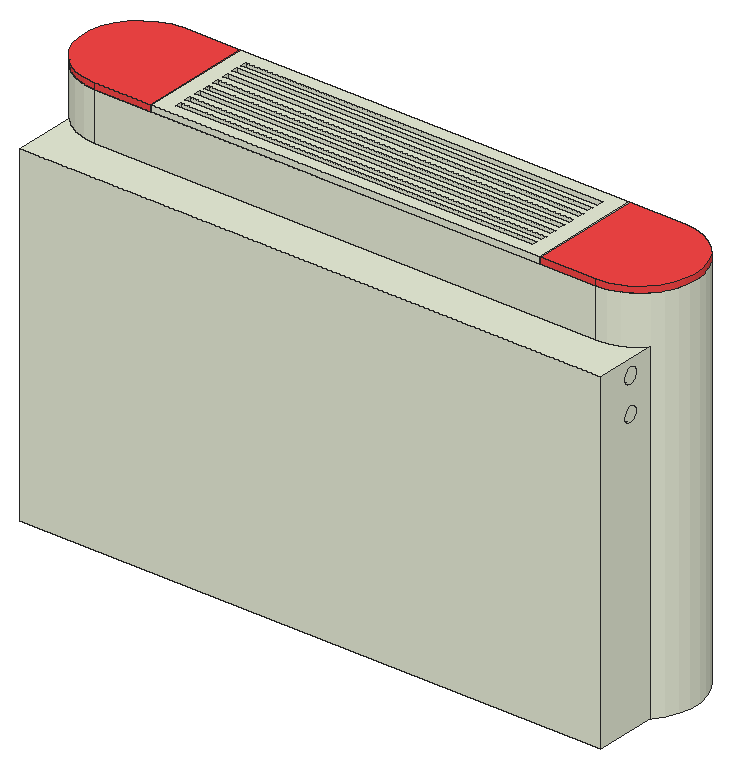
Revit family "MKH1-150-R3(R4)", category Mechanical Equipment, Revit 2013
Parameters (values of type "MKH1-150-R3")
  clearance access up = 1500.000 mm
  clearance access right = 150.000 mm
  clearance access left = 150.000 mm
  clearance access down = 90.000 mm
  clearance access behind = 50.000 mm
  clearance [instance] = no
  Width = 495.000 mm
  Series = "FCU"
  Rated current = 0.15 A
  Power supply = "220-240V ~50Hz/60Hz"
  Power Input(H/M/L) = "35/17/14 W"
  Panel color = "WH101"
  Net Weight = 16.30 kg
  Model = "MKH1-150-R3"
  Manufacturer = "Midea"
  Machine material = Galvanized Steel
  Liquid pipe = 19.050 mm
  Installation = "Indoor installation"
  Height = 211.000 mm
  Heating Capacity(H/M/L) = "1.85/1.29/1.13 kW"
  Drain pipe = 18.500 mm
  Description = "High efficiency water cooled"
  Depth = 790.000 mm
  Cooling Capacity(H/M/L) = "1.65/1.22/1.09 kW"
  Condensation = "water"
  Circuit breaker = 15 A
  Air Flow(H/M/L) = "255/165/142 m3/h"
Types (3, lengths in mm): name | Rated current | Power Input(H/M/L) | Net Weight | Model | Heating Capacity(H/M/L) | Cooling Capacity(H/M/L) | Air Flow(H/M/L)
  (no name) | 0.15 A | "35/17/14 W" | 16.30 kg | "MKH1-150-R3" | "1.85/1.29/1.13 kW" | "1.65/1.22/1.09 kW" | "255/165/142 m3/h"
  MKH1-150-R3 | 0.15 A | "35/17/14 W" | 16.30 kg | "MKH1-150-R3" | "1.85/1.29/1.13 kW" | "1.65/1.22/1.09 kW" | "255/165/142 m3/h"
  MKH1-150-R4 | 0.17 A | "40/24/15 W" | 16.70 kg | "MKH1-150-R4" | "2.35/1.87/1.40 kW" | "2.25/1.85/1.46 kW" | "255/192/139 m3/h"
Reference planes
  plane 1 "Center (Front/Back)": y = 0
  plane 2: z = 0
  plane 3 "Center (Left/Right)": x = 0
  plane 4: x = -395
  plane 5: x = 395
  plane 6: z = 200
  plane 7: z = 80
  plane 8: x = 323
  plane 9: x = -323
  plane 10: y = 28
  plane 11: x = -375
  plane 12: y = -100
  plane 13: y = 100
  plane 14: x = 545
  plane 15: x = -545
  plane 16: y = 150
  plane 17: y = -44
Forms (mm)
  Extrusion 1, solid, material "Galvanized Steel" <- "Machine material"
    sketch origin (0, -100, 247.5) x (1, 0, 0) y (0, 1, 0)
      loop
        arc (323, 56) -> (395, 128) -> (323, 200) r 72
        line (323, 200) -> (-323, 200)
        arc (-323, 200) -> (-395, 128) -> (-323, 56) r 72
        line (-323, 56) -> (323, 56)
      loop
        line (323, 195) -> (-323, 195)
        arc (-323, 195) -> (-390, 128) -> (-323, 61) r 67
        line (-323, 61) -> (323, 61)
        arc (323, 61) -> (390, 128) -> (323, 195) r 67
    from -247.5 to 244.5
  Extrusion 2, solid, material "jinshu red"
    sketch origin (0, -100, 247.5) x (1, 0, 0) y (0, 1, 0)
      loop
        arc (323, 56) -> (395, 128) -> (323, 200) r 72
        line (323, 200) -> (251, 200) -> (251, 56) -> (323, 56)
      loop
        arc (-323, 200) -> (-395, 128) -> (-323, 56) r 72
        line (-323, 56) -> (-251, 56) -> (-251, 200) -> (-323, 200)
    from 244.5 to 252.5
  Extrusion 3, solid, material "Galvanized Steel" <- "Machine material"
    sketch origin (0, -100, 247.5) x (1, 0, 0) y (0, 1, 0)
      loop
        line (-251, 200) -> (-251, 56) -> (251, 56) -> (251, 200) -> (-251, 200)
      loop
        line (-230, 183.236) -> (-230, 175.236) -> (230, 175.236) -> (230, 183.236) -> (-230, 183.236)
      loop
        line (-230, 168.236) -> (-230, 160.236) -> (230, 160.236) -> (230, 168.236) -> (-230, 168.236)
      loop
        line (-230, 153.236) -> (-230, 145.236) -> (230, 145.236) -> (230, 153.236) -> (-230, 153.236)
      loop
        line (-230, 138.236) -> (-230, 130.236) -> (230, 130.236) -> (230, 138.236) -> (-230, 138.236)
      loop
        line (-230, 123.236) -> (-230, 115.236) -> (230, 115.236) -> (230, 123.236) -> (-230, 123.236)
      loop
        line (-230, 108.236) -> (-230, 100.236) -> (230, 100.236) -> (230, 108.236) -> (-230, 108.236)
      loop
        line (-230, 93.236) -> (-230, 85.236) -> (230, 85.236) -> (230, 93.236) -> (-230, 93.236)
      loop
        line (-230, 78.236) -> (-230, 70.236) -> (230, 70.236) -> (230, 78.236) -> (-230, 78.236)
    from 244.5 to 252.5
  Extrusion 4, solid, material "Galvanized Steel" <- "Machine material"
    sketch origin (0, -100, 247.5) x (1, 0, 0) y (0, 1, 0)
      loop
        line (-375, 0) -> (375, 0) -> (375, 78.2)
        arc (375, 78.2) -> (351.27, 61.782) -> (323, 56) r 72
        line (323, 56) -> (-323, 56)
        arc (-323, 56) -> (-351.27, 61.782) -> (-375, 78.2) r 72
        line (-375, 78.2) -> (-375, 0)
    from -247.5 to 182.342
  Extrusion 5, solid, material "Galvanized Steel" <- "Machine material"
    sketch origin (0, -100, 247.5) x (1, 0, 0) y (0, 1, 0)
      loop
        line (323, 195) -> (-323, 195)
        arc (-323, 195) -> (-390, 128) -> (-323, 61) r 67
        line (-323, 61) -> (323, 61)
        arc (323, 61) -> (390, 128) -> (323, 195) r 67
    from -247.5 to -152.5
  Extrusion 6, solid, material "Galvanized Steel" <- "Machine material"
    sketch origin (500, 500, 0) x (0, -1, 0) y (0, 0, -1)
      loop
        circle (552.877, -410.569) r 9.525
    from -203.4 to -125
  Extrusion 7, solid, material "Galvanized Steel" <- "Machine material"
    sketch origin (500, 500, -45) x (0, -1, 0) y (0, 0, -1)
      loop
        circle (552.877, -410.569) r 9
    from -203.4 to -125
  Extrusion 8, void
    sketch origin (-323, 100, 247.5) x (-1, 0, 0) y (0, 0, -1)
      loop
        line (-598, 59.103) -> (-538, 59.103)
        arc (-538, 59.103) -> (-535.5, 61.603) -> (-538, 64.103) r 2.5
        line (-538, 64.103) -> (-598, 64.103)
        arc (-598, 64.103) -> (-600.5, 61.603) -> (-598, 59.103) r 2.5
      loop
        line (-528, 59.103) -> (-468, 59.103)
        arc (-468, 59.103) -> (-465.5, 61.603) -> (-468, 64.103) r 2.5
        line (-468, 64.103) -> (-528, 64.103)
        arc (-528, 64.103) -> (-530.5, 61.603) -> (-528, 59.103) r 2.5
      loop
        line (-458, 59.103) -> (-398, 59.103)
        arc (-398, 59.103) -> (-395.5, 61.603) -> (-398, 64.103) r 2.5
        line (-398, 64.103) -> (-458, 64.103)
        arc (-458, 64.103) -> (-460.5, 61.603) -> (-458, 59.103) r 2.5
      loop
        line (-388, 59.103) -> (-328, 59.103)
        arc (-328, 59.103) -> (-325.5, 61.603) -> (-328, 64.103) r 2.5
        line (-328, 64.103) -> (-388, 64.103)
        arc (-388, 64.103) -> (-390.5, 61.603) -> (-388, 59.103) r 2.5
      loop
        line (-318, 59.103) -> (-258, 59.103)
        arc (-258, 59.103) -> (-255.5, 61.603) -> (-258, 64.103) r 2.5
        line (-258, 64.103) -> (-318, 64.103)
        arc (-318, 64.103) -> (-320.5, 61.603) -> (-318, 59.103) r 2.5
      loop
        line (-248, 59.103) -> (-188, 59.103)
        arc (-188, 59.103) -> (-185.5, 61.603) -> (-188, 64.103) r 2.5
        line (-188, 64.103) -> (-248, 64.103)
        arc (-248, 64.103) -> (-250.5, 61.603) -> (-248, 59.103) r 2.5
      loop
        line (-178, 59.103) -> (-118, 59.103)
        arc (-118, 59.103) -> (-115.5, 61.603) -> (-118, 64.103) r 2.5
        line (-118, 64.103) -> (-178, 64.103)
        arc (-178, 64.103) -> (-180.5, 61.603) -> (-178, 59.103) r 2.5
      loop
        line (-108, 59.103) -> (-48, 59.103)
        arc (-48, 59.103) -> (-45.5, 61.603) -> (-48, 64.103) r 2.5
        line (-48, 64.103) -> (-108, 64.103)
        arc (-108, 64.103) -> (-110.5, 61.603) -> (-108, 59.103) r 2.5
      loop
        line (-598, 69.103) -> (-538, 69.103)
        arc (-538, 69.103) -> (-535.5, 71.603) -> (-538, 74.103) r 2.5
        line (-538, 74.103) -> (-598, 74.103)
        arc (-598, 74.103) -> (-600.5, 71.603) -> (-598, 69.103) r 2.5
      loop
        line (-528, 69.103) -> (-468, 69.103)
        arc (-468, 69.103) -> (-465.5, 71.603) -> (-468, 74.103) r 2.5
        line (-468, 74.103) -> (-528, 74.103)
        arc (-528, 74.103) -> (-530.5, 71.603) -> (-528, 69.103) r 2.5
      loop
        line (-458, 69.103) -> (-398, 69.103)
        arc (-398, 69.103) -> (-395.5, 71.603) -> (-398, 74.103) r 2.5
        line (-398, 74.103) -> (-458, 74.103)
        arc (-458, 74.103) -> (-460.5, 71.603) -> (-458, 69.103) r 2.5
      loop
        line (-388, 69.103) -> (-328, 69.103)
        arc (-328, 69.103) -> (-325.5, 71.603) -> (-328, 74.103) r 2.5
        line (-328, 74.103) -> (-388, 74.103)
        arc (-388, 74.103) -> (-390.5, 71.603) -> (-388, 69.103) r 2.5
      loop
        line (-318, 69.103) -> (-258, 69.103)
        arc (-258, 69.103) -> (-255.5, 71.603) -> (-258, 74.103) r 2.5
        line (-258, 74.103) -> (-318, 74.103)
        arc (-318, 74.103) -> (-320.5, 71.603) -> (-318, 69.103) r 2.5
      loop
        line (-248, 69.103) -> (-188, 69.103)
        arc (-188, 69.103) -> (-185.5, 71.603) -> (-188, 74.103) r 2.5
        line (-188, 74.103) -> (-248, 74.103)
        arc (-248, 74.103) -> (-250.5, 71.603) -> (-248, 69.103) r 2.5
      loop
        line (-178, 69.103) -> (-118, 69.103)
        arc (-118, 69.103) -> (-115.5, 71.603) -> (-118, 74.103) r 2.5
        line (-118, 74.103) -> (-178, 74.103)
        arc (-178, 74.103) -> (-180.5, 71.603) -> (-178, 69.103) r 2.5
      loop
        line (-108, 69.103) -> (-48, 69.103)
        arc (-48, 69.103) -> (-45.5, 71.603) -> (-48, 74.103) r 2.5
        line (-48, 74.103) -> (-108, 74.103)
        arc (-108, 74.103) -> (-110.5, 71.603) -> (-108, 69.103) r 2.5
      loop
        line (-598, 79.103) -> (-538, 79.103)
        arc (-538, 79.103) -> (-535.5, 81.603) -> (-538, 84.103) r 2.5
        line (-538, 84.103) -> (-598, 84.103)
        arc (-598, 84.103) -> (-600.5, 81.603) -> (-598, 79.103) r 2.5
      loop
        line (-528, 79.103) -> (-468, 79.103)
        arc (-468, 79.103) -> (-465.5, 81.603) -> (-468, 84.103) r 2.5
        line (-468, 84.103) -> (-528, 84.103)
        arc (-528, 84.103) -> (-530.5, 81.603) -> (-528, 79.103) r 2.5
      loop
        line (-458, 79.103) -> (-398, 79.103)
        arc (-398, 79.103) -> (-395.5, 81.603) -> (-398, 84.103) r 2.5
        line (-398, 84.103) -> (-458, 84.103)
        arc (-458, 84.103) -> (-460.5, 81.603) -> (-458, 79.103) r 2.5
      loop
        line (-388, 79.103) -> (-328, 79.103)
        arc (-328, 79.103) -> (-325.5, 81.603) -> (-328, 84.103) r 2.5
        line (-328, 84.103) -> (-388, 84.103)
        arc (-388, 84.103) -> (-390.5, 81.603) -> (-388, 79.103) r 2.5
      loop
        line (-318, 79.103) -> (-258, 79.103)
        arc (-258, 79.103) -> (-255.5, 81.603) -> (-258, 84.103) r 2.5
        line (-258, 84.103) -> (-318, 84.103)
        arc (-318, 84.103) -> (-320.5, 81.603) -> (-318, 79.103) r 2.5
      loop
        line (-248, 79.103) -> (-188, 79.103)
        arc (-188, 79.103) -> (-185.5, 81.603) -> (-188, 84.103) r 2.5
        line (-188, 84.103) -> (-248, 84.103)
        arc (-248, 84.103) -> (-250.5, 81.603) -> (-248, 79.103) r 2.5
      loop
        line (-178, 79.103) -> (-118, 79.103)
        arc (-118, 79.103) -> (-115.5, 81.603) -> (-118, 84.103) r 2.5
        line (-118, 84.103) -> (-178, 84.103)
        arc (-178, 84.103) -> (-180.5, 81.603) -> (-178, 79.103) r 2.5
      loop
        line (-108, 79.103) -> (-48, 79.103)
        arc (-48, 79.103) -> (-45.5, 81.603) -> (-48, 84.103) r 2.5
        line (-48, 84.103) -> (-108, 84.103)
        arc (-108, 84.103) -> (-110.5, 81.603) -> (-108, 79.103) r 2.5
      loop
        line (-598, 89.103) -> (-538, 89.103)
        arc (-538, 89.103) -> (-535.5, 91.603) -> (-538, 94.103) r 2.5
        line (-538, 94.103) -> (-598, 94.103)
        arc (-598, 94.103) -> (-600.5, 91.603) -> (-598, 89.103) r 2.5
      loop
        line (-528, 89.103) -> (-468, 89.103)
        arc (-468, 89.103) -> (-465.5, 91.603) -> (-468, 94.103) r 2.5
        line (-468, 94.103) -> (-528, 94.103)
        arc (-528, 94.103) -> (-530.5, 91.603) -> (-528, 89.103) r 2.5
      loop
        line (-458, 89.103) -> (-398, 89.103)
        arc (-398, 89.103) -> (-395.5, 91.603) -> (-398, 94.103) r 2.5
        line (-398, 94.103) -> (-458, 94.103)
        arc (-458, 94.103) -> (-460.5, 91.603) -> (-458, 89.103) r 2.5
      loop
        line (-388, 89.103) -> (-328, 89.103)
        arc (-328, 89.103) -> (-325.5, 91.603) -> (-328, 94.103) r 2.5
        line (-328, 94.103) -> (-388, 94.103)
        arc (-388, 94.103) -> (-390.5, 91.603) -> (-388, 89.103) r 2.5
      loop
        line (-318, 89.103) -> (-258, 89.103)
        arc (-258, 89.103) -> (-255.5, 91.603) -> (-258, 94.103) r 2.5
        line (-258, 94.103) -> (-318, 94.103)
        arc (-318, 94.103) -> (-320.5, 91.603) -> (-318, 89.103) r 2.5
      loop
        line (-248, 89.103) -> (-188, 89.103)
        arc (-188, 89.103) -> (-185.5, 91.603) -> (-188, 94.103) r 2.5
        line (-188, 94.103) -> (-248, 94.103)
        arc (-248, 94.103) -> (-250.5, 91.603) -> (-248, 89.103) r 2.5
      loop
        line (-178, 89.103) -> (-118, 89.103)
        arc (-118, 89.103) -> (-115.5, 91.603) -> (-118, 94.103) r 2.5
        line (-118, 94.103) -> (-178, 94.103)
        arc (-178, 94.103) -> (-180.5, 91.603) -> (-178, 89.103) r 2.5
      loop
        line (-108, 89.103) -> (-48, 89.103)
        arc (-48, 89.103) -> (-45.5, 91.603) -> (-48, 94.103) r 2.5
        line (-48, 94.103) -> (-108, 94.103)
        arc (-108, 94.103) -> (-110.5, 91.603) -> (-108, 89.103) r 2.5
      loop
        line (-598, 99.103) -> (-538, 99.103)
        arc (-538, 99.103) -> (-535.5, 101.603) -> (-538, 104.103) r 2.5
        line (-538, 104.103) -> (-598, 104.103)
        arc (-598, 104.103) -> (-600.5, 101.603) -> (-598, 99.103) r 2.5
      loop
        line (-528, 99.103) -> (-468, 99.103)
        arc (-468, 99.103) -> (-465.5, 101.603) -> (-468, 104.103) r 2.5
        line (-468, 104.103) -> (-528, 104.103)
        arc (-528, 104.103) -> (-530.5, 101.603) -> (-528, 99.103) r 2.5
      loop
        line (-458, 99.103) -> (-398, 99.103)
        arc (-398, 99.103) -> (-395.5, 101.603) -> (-398, 104.103) r 2.5
        line (-398, 104.103) -> (-458, 104.103)
        arc (-458, 104.103) -> (-460.5, 101.603) -> (-458, 99.103) r 2.5
      loop
        line (-388, 99.103) -> (-328, 99.103)
        arc (-328, 99.103) -> (-325.5, 101.603) -> (-328, 104.103) r 2.5
        line (-328, 104.103) -> (-388, 104.103)
        arc (-388, 104.103) -> (-390.5, 101.603) -> (-388, 99.103) r 2.5
      loop
        line (-318, 99.103) -> (-258, 99.103)
        arc (-258, 99.103) -> (-255.5, 101.603) -> (-258, 104.103) r 2.5
        line (-258, 104.103) -> (-318, 104.103)
        arc (-318, 104.103) -> (-320.5, 101.603) -> (-318, 99.103) r 2.5
      loop
        line (-248, 99.103) -> (-188, 99.103)
        arc (-188, 99.103) -> (-185.5, 101.603) -> (-188, 104.103) r 2.5
        line (-188, 104.103) -> (-248, 104.103)
        arc (-248, 104.103) -> (-250.5, 101.603) -> (-248, 99.103) r 2.5
      loop
        line (-178, 99.103) -> (-118, 99.103)
        arc (-118, 99.103) -> (-115.5, 101.603) -> (-118, 104.103) r 2.5
        line (-118, 104.103) -> (-178, 104.103)
        arc (-178, 104.103) -> (-180.5, 101.603) -> (-178, 99.103) r 2.5
      loop
        line (-108, 99.103) -> (-48, 99.103)
        arc (-48, 99.103) -> (-45.5, 101.603) -> (-48, 104.103) r 2.5
        line (-48, 104.103) -> (-108, 104.103)
        arc (-108, 104.103) -> (-110.5, 101.603) -> (-108, 99.103) r 2.5
      loop
        line (-598, 109.103) -> (-538, 109.103)
        arc (-538, 109.103) -> (-535.5, 111.603) -> (-538, 114.103) r 2.5
        line (-538, 114.103) -> (-598, 114.103)
        arc (-598, 114.103) -> (-600.5, 111.603) -> (-598, 109.103) r 2.5
      loop
        line (-528, 109.103) -> (-468, 109.103)
        arc (-468, 109.103) -> (-465.5, 111.603) -> (-468, 114.103) r 2.5
        line (-468, 114.103) -> (-528, 114.103)
        arc (-528, 114.103) -> (-530.5, 111.603) -> (-528, 109.103) r 2.5
      loop
        line (-458, 109.103) -> (-398, 109.103)
        arc (-398, 109.103) -> (-395.5, 111.603) -> (-398, 114.103) r 2.5
        line (-398, 114.103) -> (-458, 114.103)
        arc (-458, 114.103) -> (-460.5, 111.603) -> (-458, 109.103) r 2.5
      loop
        line (-388, 109.103) -> (-328, 109.103)
        arc (-328, 109.103) -> (-325.5, 111.603) -> (-328, 114.103) r 2.5
        line (-328, 114.103) -> (-388, 114.103)
        arc (-388, 114.103) -> (-390.5, 111.603) -> (-388, 109.103) r 2.5
      loop
        line (-318, 109.103) -> (-258, 109.103)
        arc (-258, 109.103) -> (-255.5, 111.603) -> (-258, 114.103) r 2.5
        line (-258, 114.103) -> (-318, 114.103)
        arc (-318, 114.103) -> (-320.5, 111.603) -> (-318, 109.103) r 2.5
      loop
        line (-248, 109.103) -> (-188, 109.103)
        arc (-188, 109.103) -> (-185.5, 111.603) -> (-188, 114.103) r 2.5
        line (-188, 114.103) -> (-248, 114.103)
        arc (-248, 114.103) -> (-250.5, 111.603) -> (-248, 109.103) r 2.5
      loop
        line (-178, 109.103) -> (-118, 109.103)
        arc (-118, 109.103) -> (-115.5, 111.603) -> (-118, 114.103) r 2.5
        line (-118, 114.103) -> (-178, 114.103)
        arc (-178, 114.103) -> (-180.5, 111.603) -> (-178, 109.103) r 2.5
      loop
        line (-108, 109.103) -> (-48, 109.103)
        arc (-48, 109.103) -> (-45.5, 111.603) -> (-48, 114.103) r 2.5
        line (-48, 114.103) -> (-108, 114.103)
        arc (-108, 114.103) -> (-110.5, 111.603) -> (-108, 109.103) r 2.5
      loop
        line (-598, 119.103) -> (-538, 119.103)
        arc (-538, 119.103) -> (-535.5, 121.603) -> (-538, 124.103) r 2.5
        line (-538, 124.103) -> (-598, 124.103)
        arc (-598, 124.103) -> (-600.5, 121.603) -> (-598, 119.103) r 2.5
      loop
        line (-528, 119.103) -> (-468, 119.103)
        arc (-468, 119.103) -> (-465.5, 121.603) -> (-468, 124.103) r 2.5
        line (-468, 124.103) -> (-528, 124.103)
        arc (-528, 124.103) -> (-530.5, 121.603) -> (-528, 119.103) r 2.5
      loop
        line (-458, 119.103) -> (-398, 119.103)
        arc (-398, 119.103) -> (-395.5, 121.603) -> (-398, 124.103) r 2.5
        line (-398, 124.103) -> (-458, 124.103)
        arc (-458, 124.103) -> (-460.5, 121.603) -> (-458, 119.103) r 2.5
      loop
        line (-388, 119.103) -> (-328, 119.103)
        arc (-328, 119.103) -> (-325.5, 121.603) -> (-328, 124.103) r 2.5
        line (-328, 124.103) -> (-388, 124.103)
        arc (-388, 124.103) -> (-390.5, 121.603) -> (-388, 119.103) r 2.5
      loop
        line (-318, 119.103) -> (-258, 119.103)
        arc (-258, 119.103) -> (-255.5, 121.603) -> (-258, 124.103) r 2.5
        line (-258, 124.103) -> (-318, 124.103)
        arc (-318, 124.103) -> (-320.5, 121.603) -> (-318, 119.103) r 2.5
      loop
        line (-248, 119.103) -> (-188, 119.103)
        arc (-188, 119.103) -> (-185.5, 121.603) -> (-188, 124.103) r 2.5
        line (-188, 124.103) -> (-248, 124.103)
        arc (-248, 124.103) -> (-250.5, 121.603) -> (-248, 119.103) r 2.5
      loop
        line (-178, 119.103) -> (-118, 119.103)
        arc (-118, 119.103) -> (-115.5, 121.603) -> (-118, 124.103) r 2.5
        line (-118, 124.103) -> (-178, 124.103)
        arc (-178, 124.103) -> (-180.5, 121.603) -> (-178, 119.103) r 2.5
      loop
        line (-108, 119.103) -> (-48, 119.103)
        arc (-48, 119.103) -> (-45.5, 121.603) -> (-48, 124.103) r 2.5
        line (-48, 124.103) -> (-108, 124.103)
        arc (-108, 124.103) -> (-110.5, 121.603) -> (-108, 119.103) r 2.5
      loop
        line (-598, 129.103) -> (-538, 129.103)
        arc (-538, 129.103) -> (-535.5, 131.603) -> (-538, 134.103) r 2.5
        line (-538, 134.103) -> (-598, 134.103)
        arc (-598, 134.103) -> (-600.5, 131.603) -> (-598, 129.103) r 2.5
      loop
        line (-528, 129.103) -> (-468, 129.103)
        arc (-468, 129.103) -> (-465.5, 131.603) -> (-468, 134.103) r 2.5
        line (-468, 134.103) -> (-528, 134.103)
        arc (-528, 134.103) -> (-530.5, 131.603) -> (-528, 129.103) r 2.5
      loop
        line (-458, 129.103) -> (-398, 129.103)
        arc (-398, 129.103) -> (-395.5, 131.603) -> (-398, 134.103) r 2.5
        line (-398, 134.103) -> (-458, 134.103)
        arc (-458, 134.103) -> (-460.5, 131.603) -> (-458, 129.103) r 2.5
      loop
        line (-388, 129.103) -> (-328, 129.103)
        arc (-328, 129.103) -> (-325.5, 131.603) -> (-328, 134.103) r 2.5
        line (-328, 134.103) -> (-388, 134.103)
        arc (-388, 134.103) -> (-390.5, 131.603) -> (-388, 129.103) r 2.5
      loop
        line (-318, 129.103) -> (-258, 129.103)
        arc (-258, 129.103) -> (-255.5, 131.603) -> (-258, 134.103) r 2.5
        line (-258, 134.103) -> (-318, 134.103)
        arc (-318, 134.103) -> (-320.5, 131.603) -> (-318, 129.103) r 2.5
      loop
        line (-248, 129.103) -> (-188, 129.103)
        arc (-188, 129.103) -> (-185.5, 131.603) -> (-188, 134.103) r 2.5
        line (-188, 134.103) -> (-248, 134.103)
        arc (-248, 134.103) -> (-250.5, 131.603) -> (-248, 129.103) r 2.5
      loop
        line (-178, 129.103) -> (-118, 129.103)
        arc (-118, 129.103) -> (-115.5, 131.603) -> (-118, 134.103) r 2.5
        line (-118, 134.103) -> (-178, 134.103)
        arc (-178, 134.103) -> (-180.5, 131.603) -> (-178, 129.103) r 2.5
      loop
        line (-108, 129.103) -> (-48, 129.103)
        arc (-48, 129.103) -> (-45.5, 131.603) -> (-48, 134.103) r 2.5
        line (-48, 134.103) -> (-108, 134.103)
        arc (-108, 134.103) -> (-110.5, 131.603) -> (-108, 129.103) r 2.5
      loop
        line (-598, 139.103) -> (-538, 139.103)
        arc (-538, 139.103) -> (-535.5, 141.603) -> (-538, 144.103) r 2.5
        line (-538, 144.103) -> (-598, 144.103)
        arc (-598, 144.103) -> (-600.5, 141.603) -> (-598, 139.103) r 2.5
      loop
        line (-528, 139.103) -> (-468, 139.103)
        arc (-468, 139.103) -> (-465.5, 141.603) -> (-468, 144.103) r 2.5
        line (-468, 144.103) -> (-528, 144.103)
        arc (-528, 144.103) -> (-530.5, 141.603) -> (-528, 139.103) r 2.5
      loop
        line (-458, 139.103) -> (-398, 139.103)
        arc (-398, 139.103) -> (-395.5, 141.603) -> (-398, 144.103) r 2.5
        line (-398, 144.103) -> (-458, 144.103)
        arc (-458, 144.103) -> (-460.5, 141.603) -> (-458, 139.103) r 2.5
      loop
        line (-388, 139.103) -> (-328, 139.103)
        arc (-328, 139.103) -> (-325.5, 141.603) -> (-328, 144.103) r 2.5
        line (-328, 144.103) -> (-388, 144.103)
        arc (-388, 144.103) -> (-390.5, 141.603) -> (-388, 139.103) r 2.5
      loop
        line (-318, 139.103) -> (-258, 139.103)
        arc (-258, 139.103) -> (-255.5, 141.603) -> (-258, 144.103) r 2.5
        line (-258, 144.103) -> (-318, 144.103)
        arc (-318, 144.103) -> (-320.5, 141.603) -> (-318, 139.103) r 2.5
      loop
        line (-248, 139.103) -> (-188, 139.103)
        arc (-188, 139.103) -> (-185.5, 141.603) -> (-188, 144.103) r 2.5
        line (-188, 144.103) -> (-248, 144.103)
        arc (-248, 144.103) -> (-250.5, 141.603) -> (-248, 139.103) r 2.5
      loop
        line (-178, 139.103) -> (-118, 139.103)
        arc (-118, 139.103) -> (-115.5, 141.603) -> (-118, 144.103) r 2.5
        line (-118, 144.103) -> (-178, 144.103)
        arc (-178, 144.103) -> (-180.5, 141.603) -> (-178, 139.103) r 2.5
      loop
        line (-108, 139.103) -> (-48, 139.103)
        arc (-48, 139.103) -> (-45.5, 141.603) -> (-48, 144.103) r 2.5
        line (-48, 144.103) -> (-108, 144.103)
        arc (-108, 144.103) -> (-110.5, 141.603) -> (-108, 139.103) r 2.5
      loop
        line (-598, 149.103) -> (-538, 149.103)
        arc (-538, 149.103) -> (-535.5, 151.603) -> (-538, 154.103) r 2.5
        line (-538, 154.103) -> (-598, 154.103)
        arc (-598, 154.103) -> (-600.5, 151.603) -> (-598, 149.103) r 2.5
      loop
        line (-528, 149.103) -> (-468, 149.103)
        arc (-468, 149.103) -> (-465.5, 151.603) -> (-468, 154.103) r 2.5
        line (-468, 154.103) -> (-528, 154.103)
        arc (-528, 154.103) -> (-530.5, 151.603) -> (-528, 149.103) r 2.5
      loop
        line (-458, 149.103) -> (-398, 149.103)
        arc (-398, 149.103) -> (-395.5, 151.603) -> (-398, 154.103) r 2.5
        line (-398, 154.103) -> (-458, 154.103)
        arc (-458, 154.103) -> (-460.5, 151.603) -> (-458, 149.103) r 2.5
      loop
        line (-388, 149.103) -> (-328, 149.103)
        arc (-328, 149.103) -> (-325.5, 151.603) -> (-328, 154.103) r 2.5
        line (-328, 154.103) -> (-388, 154.103)
        arc (-388, 154.103) -> (-390.5, 151.603) -> (-388, 149.103) r 2.5
      loop
        line (-318, 149.103) -> (-258, 149.103)
        arc (-258, 149.103) -> (-255.5, 151.603) -> (-258, 154.103) r 2.5
        line (-258, 154.103) -> (-318, 154.103)
        arc (-318, 154.103) -> (-320.5, 151.603) -> (-318, 149.103) r 2.5
      loop
        line (-248, 149.103) -> (-188, 149.103)
        arc (-188, 149.103) -> (-185.5, 151.603) -> (-188, 154.103) r 2.5
        line (-188, 154.103) -> (-248, 154.103)
        arc (-248, 154.103) -> (-250.5, 151.603) -> (-248, 149.103) r 2.5
      loop
        line (-178, 149.103) -> (-118, 149.103)
        arc (-118, 149.103) -> (-115.5, 151.603) -> (-118, 154.103) r 2.5
        line (-118, 154.103) -> (-178, 154.103)
        arc (-178, 154.103) -> (-180.5, 151.603) -> (-178, 149.103) r 2.5
      loop
        line (-108, 149.103) -> (-48, 149.103)
        arc (-48, 149.103) -> (-45.5, 151.603) -> (-48, 154.103) r 2.5
        line (-48, 154.103) -> (-108, 154.103)
        arc (-108, 154.103) -> (-110.5, 151.603) -> (-108, 149.103) r 2.5
      loop
        line (-598, 159.103) -> (-538, 159.103)
        arc (-538, 159.103) -> (-535.5, 161.603) -> (-538, 164.103) r 2.5
        line (-538, 164.103) -> (-598, 164.103)
        arc (-598, 164.103) -> (-600.5, 161.603) -> (-598, 159.103) r 2.5
      loop
        line (-528, 159.103) -> (-468, 159.103)
        arc (-468, 159.103) -> (-465.5, 161.603) -> (-468, 164.103) r 2.5
        line (-468, 164.103) -> (-528, 164.103)
        arc (-528, 164.103) -> (-530.5, 161.603) -> (-528, 159.103) r 2.5
      loop
        line (-458, 159.103) -> (-398, 159.103)
        arc (-398, 159.103) -> (-395.5, 161.603) -> (-398, 164.103) r 2.5
        line (-398, 164.103) -> (-458, 164.103)
        arc (-458, 164.103) -> (-460.5, 161.603) -> (-458, 159.103) r 2.5
      loop
        line (-388, 159.103) -> (-328, 159.103)
        arc (-328, 159.103) -> (-325.5, 161.603) -> (-328, 164.103) r 2.5
        line (-328, 164.103) -> (-388, 164.103)
        arc (-388, 164.103) -> (-390.5, 161.603) -> (-388, 159.103) r 2.5
      loop
        line (-318, 159.103) -> (-258, 159.103)
        arc (-258, 159.103) -> (-255.5, 161.603) -> (-258, 164.103) r 2.5
        line (-258, 164.103) -> (-318, 164.103)
        arc (-318, 164.103) -> (-320.5, 161.603) -> (-318, 159.103) r 2.5
      loop
        line (-248, 159.103) -> (-188, 159.103)
        arc (-188, 159.103) -> (-185.5, 161.603) -> (-188, 164.103) r 2.5
        line (-188, 164.103) -> (-248, 164.103)
        arc (-248, 164.103) -> (-250.5, 161.603) -> (-248, 159.103) r 2.5
      loop
        line (-178, 159.103) -> (-118, 159.103)
        arc (-118, 159.103) -> (-115.5, 161.603) -> (-118, 164.103) r 2.5
        line (-118, 164.103) -> (-178, 164.103)
        arc (-178, 164.103) -> (-180.5, 161.603) -> (-178, 159.103) r 2.5
      loop
        line (-108, 159.103) -> (-48, 159.103)
        arc (-48, 159.103) -> (-45.5, 161.603) -> (-48, 164.103) r 2.5
        line (-48, 164.103) -> (-108, 164.103)
        arc (-108, 164.103) -> (-110.5, 161.603) -> (-108, 159.103) r 2.5
      loop
        line (-598, 169.103) -> (-538, 169.103)
        arc (-538, 169.103) -> (-535.5, 171.603) -> (-538, 174.103) r 2.5
        line (-538, 174.103) -> (-598, 174.103)
        arc (-598, 174.103) -> (-600.5, 171.603) -> (-598, 169.103) r 2.5
      loop
        line (-528, 169.103) -> (-468, 169.103)
        arc (-468, 169.103) -> (-465.5, 171.603) -> (-468, 174.103) r 2.5
        line (-468, 174.103) -> (-528, 174.103)
        arc (-528, 174.103) -> (-530.5, 171.603) -> (-528, 169.103) r 2.5
      loop
        line (-458, 169.103) -> (-398, 169.103)
        arc (-398, 169.103) -> (-395.5, 171.603) -> (-398, 174.103) r 2.5
        line (-398, 174.103) -> (-458, 174.103)
        arc (-458, 174.103) -> (-460.5, 171.603) -> (-458, 169.103) r 2.5
      loop
        line (-388, 169.103) -> (-328, 169.103)
        arc (-328, 169.103) -> (-325.5, 171.603) -> (-328, 174.103) r 2.5
        line (-328, 174.103) -> (-388, 174.103)
        arc (-388, 174.103) -> (-390.5, 171.603) -> (-388, 169.103) r 2.5
      loop
        line (-318, 169.103) -> (-258, 169.103)
        arc (-258, 169.103) -> (-255.5, 171.603) -> (-258, 174.103) r 2.5
        line (-258, 174.103) -> (-318, 174.103)
        arc (-318, 174.103) -> (-320.5, 171.603) -> (-318, 169.103) r 2.5
      loop
        line (-248, 169.103) -> (-188, 169.103)
        arc (-188, 169.103) -> (-185.5, 171.603) -> (-188, 174.103) r 2.5
        line (-188, 174.103) -> (-248, 174.103)
        arc (-248, 174.103) -> (-250.5, 171.603) -> (-248, 169.103) r 2.5
      loop
        line (-178, 169.103) -> (-118, 169.103)
        arc (-118, 169.103) -> (-115.5, 171.603) -> (-118, 174.103) r 2.5
        line (-118, 174.103) -> (-178, 174.103)
        arc (-178, 174.103) -> (-180.5, 171.603) -> (-178, 169.103) r 2.5
      loop
        line (-108, 169.103) -> (-48, 169.103)
        arc (-48, 169.103) -> (-45.5, 171.603) -> (-48, 174.103) r 2.5
        line (-48, 174.103) -> (-108, 174.103)
        arc (-108, 174.103) -> (-110.5, 171.603) -> (-108, 169.103) r 2.5
    from 0 to 5
Cuts and joins
  Extrusion 8 cuts Extrusion 1
  Extrusion 8 cuts Extrusion 4
  Extrusion 8 cuts Extrusion 5
Dimensions and locks
  aligned and locked: level to plane 2
Nested families
  nested 1: "Midea service space" at (-395, 100, 0), visible <- "clearance", type "Midea Service  Space"
    with Width 790.000 mm, Height 500.000 mm, Depth 50.000 mm
  nested 2: "Midea service space" at (395, -100, 0), visible <- "clearance", type "Midea Service  Space"
    with Width 150.000 mm, Height 500.000 mm, Depth 200.000 mm
  nested 3: "Midea service space" at (-545, -100, 0), visible <- "clearance", type "Midea Service  Space"
    with Width 150.000 mm, Height 500.000 mm, Depth 200.000 mm
  nested 4: "Midea service space" at (-395, -100, 500), visible <- "clearance", type "Midea Service  Space"
    with Width 790.000 mm, Height 1500.000 mm, Depth 200.000 mm
  nested 5: "Midea service space" at (-395, -100, -90), visible <- "clearance", type "Midea Service  Space"
    with Width 790.000 mm, Height 90.000 mm, Depth 200.000 mm
Connectors
  electrical at (-375, -60.9, 214.921)
    settings: on Extrusion 4, index 1, voltage 220 V, apparent load 0 VA, apparent load phase1 0 VA, apparent load phase2 0 VA, apparent load phase3 0 VA, power factor 1, load classification "Other", number of poles 1, system type 30, power factor state 1, is connector primary yes, connector utility no, sub classification motor no, connector description ""
  piping at (375, -52.877, 410.569)
    settings: on Extrusion 6, index 2, connector radius 3/8", flow factor 0, pipe flow 0 GPM, pressure drop 0.00 psi, fitting loss kfactor 0, connector angle 0.00°, fixture units 0, engagement length 0.000 mm, flow configuration 0, flow direction 0, fitting loss method 0, system type 19, joint type 0, gender type 0, connector reference index -1, connector utility 0, adjustable connector no, is connector primary yes, fitting loss table "", connector description "Liquid pipe"
  piping at (375, -52.877, 365.569)
    settings: on Extrusion 7, index 3, connector radius 0.35433", flow factor 0, pipe flow 0 GPM, pressure drop 0.00 psi, fitting loss kfactor 0, connector angle 0.00°, fixture units 0, engagement length 0.000 mm, flow configuration 0, flow direction 0, fitting loss method 0, system type 19, joint type 0, gender type 0, connector reference index -1, connector utility 0, adjustable connector no, is connector primary no, fitting loss table "", connector description "Drain pipe"
Definition of nested family "Midea service space"
  Parameters (values of type "Midea Service  Space")
    Width [instance] = 500.000 mm
    Height [instance] = 500.000 mm
    Depth [instance] = 500.000 mm
  Reference planes
    plane 1 "Center (Front/Back)": y = 0
    plane 2: z = 0
    plane 3 "Center (Left/Right)": x = 0
    plane 4: z = 500
    plane 5: y = 500
    plane 6: x = 500
  Forms (mm)
    Extrusion 1, solid, material "Midea Service Space-HDY"
      sketch origin (0, 0, 0) x (1, 0, 0) y (0, 1, 0)
        loop
          line (0, 500) -> (0, 0) -> (500, 0) -> (500, 500) -> (0, 500)
      from 0 to 500
  Dimensions and locks
    "Width": plane 3 "Center (Left/Right)" to plane 6
    "Depth": plane 5 to plane 1 "Center (Front/Back)"
    "Height": level to plane 4
    aligned and locked: level to plane 2
    aligned and locked: plane 5 to Extrusion 1
    aligned and locked: Extrusion 1 to plane 6
    aligned and locked: Extrusion 1 to plane 3 "Center (Left/Right)"
    aligned and locked: plane 1 "Center (Front/Back)" to Extrusion 1
    aligned and locked: Extrusion 1 to plane 4
  Automatic sketch dimensions
    Extrusion 1 sketch curve to plane 3 "Center (Left/Right)" = 0.000 mm
    plane 1 "Center (Front/Back)" to Extrusion 1 sketch curve = 0.000 mm
    Extrusion 1 sketch curve to plane 6 = 0.000 mm
    Extrusion 1 sketch curve to plane 5 = 0.000 mm
